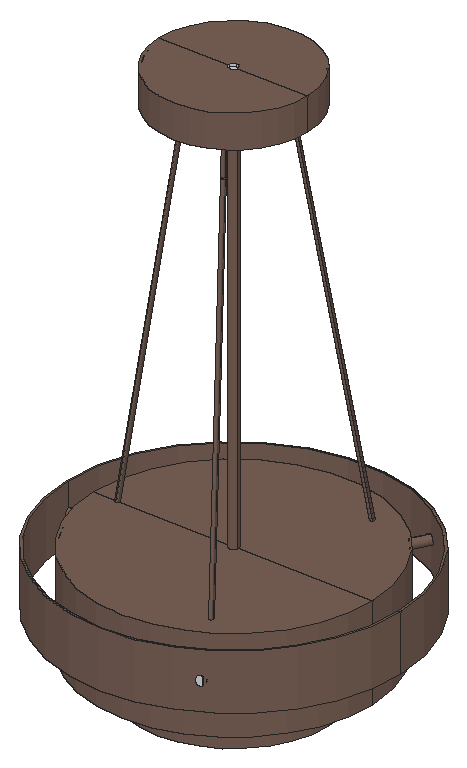
Revit family "SA18 FIXTURE", category Lighting Fixtures, Revit 2024
Family settings
  Round Connector Dimension = Use Diameter
  Part Type = Normal
  OmniClass Number = 23.80.70.00
  OmniClass Title = Lighting
  Work Plane-Based = No
  Always vertical = Yes
  Cut with Voids When Loaded = No
  Light Source = No
  Maintain Annotation Orientation = No
  Shared = No
  Room Calculation Point = No
Parameters
  Default Elevation = 0' - 0"
Reference planes (in)
  plane 1 "Light Source Axis (F/B)": y = 0
  plane 2: z = 0
  plane 3 "Light Source Axis (L/R)": x = 0
  plane 4 "Light Source Elevation": z = 54
Forms (in)
  Revolve 1, solid
    sketch origin (0, 0, 0) x (1, 0, 0) y (0, 0, 1)
      loop
        line (-0.25, 80.125) -> (-4, 80.125) -> (-4, 78.375) -> (-0.28125, 78.375) -> (-0.28125, 78.31696) -> (-0.24793, 78.31696) -> (-0.24793, 57) -> (-7.5, 57) -> (-7.5, 52) -> (-5.125, 52) -> (-5.125, 50.125) -> (-4.375, 50.125) -> (-4.375, 50.21875) -> (-5.03125, 50.21875) -> (-5.03125, 52.09375) -> (-7.40625, 52.09375) -> (-7.40625, 56.90625) -> (0, 56.90625) -> (0, 78.46875) -> (-3.90625, 78.46875) -> (-3.90625, 80.03125) -> (-0.25, 80.03125) -> (-0.25, 80.125)
      axis (0, 80.125) -> (0, 50.125)
    angle from 0 to 360
  Revolve 2, solid
    sketch origin (0, 0, 0) x (1, 0, 0) y (0, 0, 1)
      loop
        line (-9, 57) -> (-9, 54) -> (-8.90625, 54) -> (-8.90625, 57) -> (-9, 57)
      loop
        line (-5.03125, 50.21875) -> (0, 50.21875) -> (0, 50.34375) -> (-5.03125, 50.34375) -> (-5.03125, 50.21875)
      axis (0, 57) -> (0, 50.21875)
    angle from 0 to 360
  Revolve 3, solid
    sketch origin (0, 0, 0) x (1, 0, 0) y (0, 0, 1)
      loop
        line (-8.96362, 55.5) -> (-7.46362, 55.5) -> (-7.46362, 55.75) -> (-8.96362, 55.75) -> (-8.96362, 55.5)
      axis (-7.46362, 55.5) -> (-8.96362, 55.5)
    angle from 0 to 360
  Sweep 4, solid
    path origin (0, 0, 0) x (1, 0, 0) y (0, 0, 1)
      loop
        line (-2.84379, 78.375) -> (-2.93019, 76.4225)
        arc (-2.93019, 76.4225) -> (-2.93268, 76.3901) -> (-2.93726, 76.35794) r 0.5
        line (-2.93726, 76.35794) -> (-6.3437, 57)
    profile origin (-2.88699, 0, 77.39875) x (0.999023, 0, -0.044204) y (0, -1, 0)
      loop
        circle (0.08789, 0) r 0.09375
  Revolve 5, solid
    sketch origin (0, 0, 0) x (-0.5, -0.866025, 0) y (0, 0, 1)
      loop
        line (-8.96362, 55.5) -> (-7.46362, 55.5) -> (-7.46362, 55.75) -> (-8.96362, 55.75) -> (-8.96362, 55.5)
      axis (-7.46362, 55.5) -> (-8.96362, 55.5)
    angle from 0 to 360
  Sweep 6, solid
    path origin (0, 0, 0) x (-0.5, -0.866025, 0) y (0, 0, 1)
      loop
        line (-2.84379, 78.375) -> (-2.93019, 76.4225)
        arc (-2.93019, 76.4225) -> (-2.93268, 76.3901) -> (-2.93726, 76.35794) r 0.5
        line (-2.93726, 76.35794) -> (-6.3437, 57)
    profile origin (1.44349, 2.50021, 77.39875) x (-0.499511, -0.865179, -0.044204) y (-0.866025, 0.5, 0)
      loop
        circle (0.08789, 0) r 0.09375
  Revolve 7, solid
    sketch origin (0, 0, 0) x (-0.5, 0.866025, 0) y (0, 0, 1)
      loop
        line (-8.96362, 55.5) -> (-7.46362, 55.5) -> (-7.46362, 55.75) -> (-8.96362, 55.75) -> (-8.96362, 55.5)
      axis (-7.46362, 55.5) -> (-8.96362, 55.5)
    angle from 0 to 360
  Sweep 8, solid
    path origin (0, 0, 0) x (-0.5, 0.866025, 0) y (0, 0, 1)
      loop
        line (-2.84379, 78.375) -> (-2.93019, 76.4225)
        arc (-2.93019, 76.4225) -> (-2.93268, 76.3901) -> (-2.93726, 76.35794) r 0.5
        line (-2.93726, 76.35794) -> (-6.3437, 57)
    profile origin (1.44349, -2.50021, 77.39875) x (-0.499511, 0.865179, -0.044204) y (0.866025, 0.5, 0)
      loop
        circle (0.08789, 0) r 0.09375
Dimensions and locks (in)
  aligned and locked: level to plane 2
